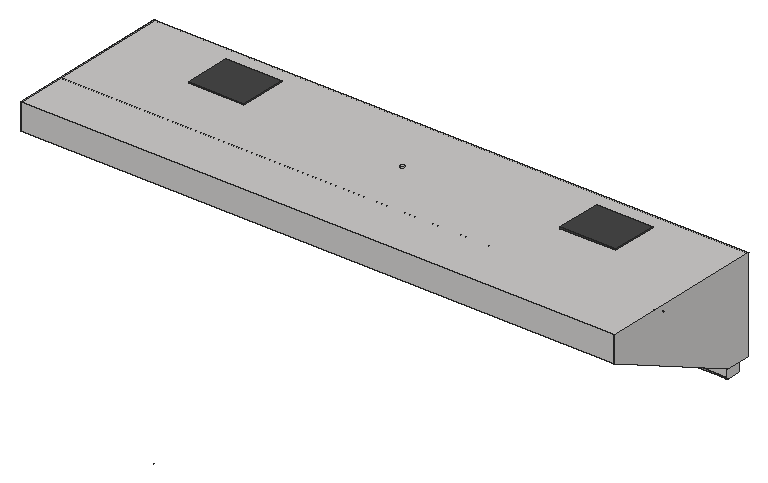
Revit family "QF_ELECTROLUXPROFESSIONAL_644188_AMPV932BT", category Specialty Equipment, Revit 2014
Reference planes
  plane 1: z = 0
  plane 2 "Center (Left/Right)": x = 150
  plane 3 "LEFT": x = -1450
  plane 4 "RIGHT": x = 1750
  plane 5 "BACK": y = 550
  plane 6 "Plane": z = 2000
  plane 7 "TOP": z = 2140
  plane 8 "Base": z = 1640
  plane 9: z = 1566
  plane 10 "DrainY": y = 485
  plane 11: x = -1447
  plane 12: through (0, 414.509, 1640.8) normal (0, 0.7314, 0.682)
  plane 13: y = 470
  plane 14: y = 220
  plane 15 "DrainX": x = 1630
  plane 16: x = -700
  plane 17: x = 1000
  plane 18: x = -1000
  plane 19: x = 1300
  plane 20: x = 1747
  plane 21: x = 1540
  plane 22: x = 1720
  plane 23: x = -1410
  plane 24: x = -1045
  plane 25: x = -650
  plane 26: x = 1710
  plane 27: x = 1345
  plane 28: x = 950
  plane 29: y = -350
  plane 30 "Center (Front/Back)": y = 100
Forms (mm)
  Extrusion 1, solid, material "QF_Finishes_Stainless Steel"
    sketch origin (-1450, 0, 0) x (0, 1, 0) y (0, 0, 1)
      loop
        line (550, 1640) -> (550, 2140) -> (-350, 2140) -> (-350, 2000) -> (415.255, 1640) -> (550, 1640)
    from 0 to 3
  Extrusion 2, solid, material "QF_Finishes_Stainless Steel"
    sketch origin (150, 0, 0) x (0, 1, 0) y (0, 0, 1)
      loop
        line (415.255, 1640) -> (550, 1640) -> (550, 2139.19) -> (549.2, 2139.19) -> (549.2, 1640.8) -> (415.876, 1640.8) -> (339.347, 1722.867) -> (349.609, 1732.436) -> (348.927, 1733.167) -> (337.934, 1722.917) -> (415.255, 1640)
      loop
        line (-82.203, 2139.19) -> (-82.203, 2118.6) -> (-31.047, 2118.6) -> (34.354, 2048.466) -> (46.028, 2059.352) -> (45.346, 2060.083) -> (34.403, 2049.879) -> (-30.612, 2119.6) -> (-81.203, 2119.6) -> (-81.203, 2139.19) -> (-82.203, 2139.19)
    from -1597 to 1597
  Extrusion 3, solid, material "QF_Finishes_Stainless Steel"
    sketch origin (1750, 0, 0) x (0, 1, 0) y (0, 0, 1)
      loop
        line (550, 1640) -> (550, 2140) -> (-350, 2140) -> (-350, 2000) -> (415.255, 1640) -> (550, 1640)
    from 0 to -3
  Extrusion 4, solid, material "QF_Finishes_Stainless Steel"
    sketch origin (150, 0, 0) x (0, 1, 0) y (0, 0, 1)
      loop
        line (-350, 2140) -> (-350, 2000) -> (-349.2, 2000) -> (-349.2, 2139.19) -> (550, 2139.19) -> (550, 2140) -> (-350, 2140)
    from -1600 to 1600
  Extrusion 5, solid, material "QF_Finishes_Stainless Steel"
    sketch origin (150, 0, 0) x (0, 1, 0) y (0, 0, 1)
      loop
        line (534, 1640) -> (436, 1640) -> (436, 1627) -> (443.5, 1627) -> (443.5, 1576)
        arc (443.5, 1576) -> (446.429, 1568.929) -> (453.5, 1566) r 10
        line (453.5, 1566) -> (516.5, 1566)
        arc (516.5, 1566) -> (523.571, 1568.929) -> (526.5, 1576) r 10
        line (526.5, 1576) -> (526.5, 1627) -> (534, 1627) -> (534, 1640)
    from 1390 to 1570
  Extrusion 6, solid, material "QF_Finishes_Stainless Steel"
    sketch origin (0, 0, 1640) x (0, 1, 0) y (-1, 0, 0)
      loop
        circle (485, -1630) r 20
    from -76 to -74
  Extrusion 7, solid, material "QF_Finished_Chrome"
    sketch origin (150, 0, 0) x (0, 1, 0) y (0, 0, 1)
      loop
        line (337.934, 1722.917) -> (341.591, 1726.327) -> (38.011, 2051.876) -> (34.354, 2048.466) -> (337.934, 1722.917)
    from -1195 to -1560
  Extrusion 8, solid, material "QF_Finished_Chrome"
    sketch origin (150, 0, 0) x (0, 1, 0) y (0, 0, 1)
      loop
        line (337.934, 1722.917) -> (341.591, 1726.327) -> (38.011, 2051.876) -> (34.354, 2048.466) -> (337.934, 1722.917)
    from 800 to -800
  Extrusion 9, solid, material "QF_Finishes_Stainless Steel"
    sketch origin (150, 0, 0) x (0, 1, 0) y (0, 0, 1)
      loop
        line (337.934, 1722.917) -> (341.591, 1726.327) -> (38.011, 2051.876) -> (34.354, 2048.466) -> (337.934, 1722.917)
    from 1597 to 1560
  Extrusion 10, solid, material "QF_Finishes_Stainless Steel"
    sketch origin (150, 0, 0) x (0, 1, 0) y (0, 0, 1)
      loop
        line (341.588, 1726.324) -> (38.009, 2051.874) -> (34.354, 2048.466) -> (337.934, 1722.917) -> (341.588, 1726.324)
    from -1195 to -800
  Extrusion 11, solid, material "QF_Finished_Chrome"
    sketch origin (150, 0, 0) x (0, 1, 0) y (0, 0, 1)
      loop
        line (341.588, 1726.324) -> (38.009, 2051.874) -> (34.354, 2048.466) -> (337.934, 1722.917) -> (341.588, 1726.324)
    from 1195 to 1560
  Extrusion 12, solid, material "QF_Finishes_Black"
    sketch origin (0, 0, 2140) x (0, 1, 0) y (-1, 0, 0)
      loop
        line (470, 1000) -> (220, 1000) -> (220, 700) -> (470, 700) -> (470, 1000)
    from 5 to 0
  Extrusion 13, solid, material "QF_Finishes_Black"
    sketch origin (940, 0, 2140) x (0, 1, 0) y (-1, 0, 0)
      loop
        line (470, -60) -> (220, -60) -> (220, -360) -> (470, -360) -> (470, -60)
    from 5 to 0
  Extrusion 14, solid, material "QF_Finishes_Stainless Steel"
    sketch origin (0, 0, 0) x (1, 0, 0) y (0, 1, 0)
      loop
        line (-1450, 550) -> (-1450, 549) -> (-1449, 549) -> (-1449, 550) -> (-1450, 550)
    from 0 to 1
  Extrusion 15, solid, material "QF_Finishes_Stainless Steel"
    sketch origin (150, 0, 0) x (0, 1, 0) y (0, 0, 1)
      loop
        line (337.934, 1722.917) -> (341.591, 1726.327) -> (38.011, 2051.876) -> (34.354, 2048.466) -> (337.934, 1722.917)
    from -1560 to -1597
  Extrusion 16, solid, material "QF_Finishes_Stainless Steel"
    sketch origin (150, 0, 0) x (0, 1, 0) y (0, 0, -1)
      loop
        line (341.588, -1726.324) -> (337.934, -1722.917) -> (34.354, -2048.466) -> (38.009, -2051.874) -> (341.588, -1726.324)
    from -1195 to -800
  Extrusion 17, solid, material "QF_Finishes_Stainless Steel"
    sketch origin (0, 0, 2140) x (0, 1, 0) y (-1, 0, 0)
      loop
        circle (220, -150) r 10
    from 0 to 1.6
Cuts and joins
  joined: Extrusion 2, Extrusion 4
Lines and regions (mm)
  reference lines
    curve 1: line (150, 34.354, 2048.466) -> (150, 34.354, 1888.466)
  symbolic lines, style "SpecialityEquipment", detail levels coarse
    curve 2: line (1750, 550, 2140) -> (-1450, 550, 2140)
    curve 3: line (-1450, 550, 2140) -> (-1450, -350, 2140)
    curve 4: line (1750, -350, 2140) -> (1750, 550, 2140)
    curve 5: line (-1450, -350, 2140) -> (1750, -350, 2140)
    curve 6: line (-1000, 220, 2140) -> (-700, 220, 2140)
    curve 7: line (-1000, 470, 2140) -> (-1000, 220, 2140)
    curve 8: line (-700, 470, 2140) -> (-1000, 470, 2140)
    curve 9: line (-700, 220, 2140) -> (-700, 470, 2140)
    curve 10: line (1000, 470, 2140) -> (1000, 220, 2140)
    curve 11: line (1000, 220, 2140) -> (1300, 220, 2140)
    curve 12: line (1300, 470, 2140) -> (1000, 470, 2140)
    curve 13: line (1300, 220, 2140) -> (1300, 470, 2140)
  symbolic lines, detail levels coarse
    curve 14: line (-1450, -350, 0) -> (1750, 550, 0)
    curve 15: line (1750, -350, 0) -> (-1450, 550, 0)
Dimensions and locks
  plane 3 "LEFT" to plane 4 "RIGHT" = 3200 mm
  equal spacing: plane 3 "LEFT", plane 2 "Center (Left/Right)", plane 4 "RIGHT"
  locked: plane 6 "Plane" to level at 2000
  plane 7 "TOP" to plane 6 "Plane" = 140 mm
  locked: plane 7 "TOP" to plane 8 "Base" at 500
  plane 8 "Base" to plane 9 = 74 mm
  plane 5 "BACK" to plane 10 "DrainY" = 65 mm  (x2)
  plane 3 "LEFT" to plane 11 = 3 mm
  plane 5 "BACK" to plane 13 = 80 mm
  plane 13 to plane 14 = 250 mm  (x2)
  plane 15 "DrainX" to plane 4 "RIGHT" = 120 mm
  locked: plane 16 to plane 17 at 1700
  equal spacing: plane 16, plane 2 "Center (Left/Right)", plane 17
  plane 18 to plane 16 = 300 mm
  plane 17 to plane 19 = 300 mm
  plane 20 to plane 4 "RIGHT" = 3 mm
  locked: plane 21 to plane 15 "DrainX" at 90
  locked: plane 15 "DrainX" to plane 22 at 90
  plane 13 to plane 5 "BACK" = 80 mm
  locked: plane 3 "LEFT" to plane 23 at 40
  locked: plane 23 to plane 24 at 365
  locked: plane 24 to plane 25 at 395
  locked: plane 26 to plane 27 at 365
  locked: plane 27 to plane 28 at 395
  locked: plane 26 to plane 4 "RIGHT" at 40
  plane 25 to plane 28 = 1600 mm
  plane 5 "BACK" to plane 29 = 900 mm  (x2)
  equal spacing: plane 5 "BACK", plane 30 "Center (Front/Back)", plane 29
  plane 14 to plane 29 = 570 mm
  aligned and locked: level to plane 1
  aligned and locked: Extrusion 2 to Extrusion 1
  aligned and locked: Extrusion 2 to Extrusion 3
  aligned and locked: plane 4 "RIGHT" to Extrusion 4
  aligned and locked: Extrusion 4 to plane 3 "LEFT"
  aligned and locked: plane 20 to Extrusion 9
  aligned and locked: plane 18 to Extrusion 12
  aligned and locked: Extrusion 12 to plane 16
  aligned and locked: Extrusion 12 to plane 14
  aligned and locked: Extrusion 12 to plane 13
  aligned and locked: Extrusion 13 to plane 19
  aligned and locked: plane 17 to Extrusion 13
  aligned and locked: Extrusion 2 to Extrusion 4
  aligned and locked: plane 22 to Extrusion 5
  aligned and locked: Extrusion 5 to plane 21
  aligned and locked: Extrusion 9 to plane 26
  aligned and locked: Extrusion 11 to plane 26
  aligned and locked: Extrusion 11 to plane 27
  aligned and locked: Extrusion 8 to plane 28
  aligned and locked: Extrusion 8 to plane 25
  aligned and locked: plane 25 to Extrusion 10
  aligned and locked: Extrusion 10 to plane 24
  aligned and locked: plane 24 to Extrusion 7
  aligned and locked: Extrusion 7 to plane 23
  aligned and locked: Extrusion 15 to plane 11
  aligned and locked: plane 23 to Extrusion 15
  aligned and locked: Extrusion 16 to plane 28
  aligned and locked: Extrusion 16 to plane 27
  aligned and locked: Extrusion 3 to plane 20
Automatic sketch dimensions
  curve 5 to plane 3 "LEFT" = 0 mm
  curve 9 to plane 14 = 0 mm
  curve 10 to plane 14 = 0 mm
  plane 13 to curve 8 = 0 mm
  plane 13 to curve 12 = 0 mm
  curve 3 to plane 5 "BACK" = 0 mm
  curve 5 to plane 4 "RIGHT" = 0 mm
  curve 11 to plane 19 = 0 mm
  curve 10 to plane 17 = 0 mm
  curve 6 to plane 16 = 0 mm
  curve 6 to plane 18 = 0 mm
  Extrusion 2 sketch curve to plane 12 = 0 mm  (x3)
  Extrusion 2 sketch curve to plane 8 "Base" = 0 mm
  plane 12 to Extrusion 2 sketch curve = 0 mm
  Extrusion 2 sketch curve to plane 5 "BACK" = 0 mm
  Extrusion 2 sketch curve to Extrusion 2 sketch curve = 65.646 mm
  Extrusion 2 sketch curve to Extrusion 2 sketch curve = 0.682 mm  (x2)
  Extrusion 2 sketch curve to Extrusion 2 sketch curve = 10.261 mm
  plane 8 "Base" to Extrusion 2 sketch curve = 82.917 mm
  Extrusion 2 sketch curve to Extrusion 2 sketch curve = 10.942 mm
  Extrusion 2 sketch curve to Extrusion 2 sketch curve = 0.049 mm
  Extrusion 2 sketch curve to plane 7 "TOP" = 20.4 mm
  Extrusion 2 sketch curve to plane 7 "TOP" = 21.4 mm
  Extrusion 2 sketch curve to plane 7 "TOP" = 0.81 mm  (x2)
  Extrusion 2 sketch curve to Extrusion 2 sketch curve = 50.156 mm
  Extrusion 2 sketch curve to Extrusion 2 sketch curve = 1 mm
  plane 8 "Base" to Extrusion 2 sketch curve = 0.8 mm
  Extrusion 2 sketch curve to plane 5 "BACK" = 0.8 mm
  Extrusion 4 sketch curve to plane 6 "Plane" = 0 mm
  Extrusion 4 sketch curve to plane 5 "BACK" = 0 mm
  Extrusion 4 sketch curve to plane 7 "TOP" = 0 mm
  Extrusion 4 sketch curve to plane 7 "TOP" = 0.81 mm
  curve 1 to plane 12 = 0 mm
  curve 1 to plane 6 "Plane" = 111.534 mm
  Extrusion 5 sketch curve to plane 8 "Base" = 0 mm
  Extrusion 5 sketch curve to plane 9 = 0 mm
  Extrusion 5 sketch curve to plane 8 "Base" = 13 mm  (x2)
  plane 13 to Extrusion 5 sketch curve = 34 mm
  Extrusion 5 sketch curve to Extrusion 5 sketch curve = 7.5 mm  (x2)
  Extrusion 5 sketch curve to Extrusion 5 sketch curve = 10 mm
  plane 10 "DrainY" to Extrusion 5 sketch curve = 31.5 mm
  Extrusion 5 sketch curve to plane 5 "BACK" = 23.5 mm
  Extrusion 6 sketch curve to plane 10 "DrainY" = 0 mm
  Extrusion 6 sketch curve to plane 15 "DrainX" = 0 mm
  Extrusion 7 sketch curve to plane 12 = 0 mm  (x2)
  Extrusion 7 sketch curve to Extrusion 7 sketch curve = 3.657 mm
  plane 8 "Base" to Extrusion 7 sketch curve = 82.917 mm
  Extrusion 8 sketch curve to plane 12 = 0 mm  (x2)
  Extrusion 8 sketch curve to Extrusion 8 sketch curve = 3.657 mm
  plane 8 "Base" to Extrusion 8 sketch curve = 82.917 mm
  Extrusion 9 sketch curve to plane 12 = 0 mm  (x2)
  Extrusion 9 sketch curve to Extrusion 9 sketch curve = 3.657 mm
  plane 8 "Base" to Extrusion 9 sketch curve = 82.917 mm
  Extrusion 10 sketch curve to plane 12 = 0 mm  (x2)
  Extrusion 10 sketch curve to Extrusion 10 sketch curve = 3.655 mm
  plane 8 "Base" to Extrusion 10 sketch curve = 82.917 mm
  Extrusion 11 sketch curve to plane 12 = 0 mm  (x2)
  Extrusion 11 sketch curve to Extrusion 11 sketch curve = 3.655 mm
  plane 8 "Base" to Extrusion 11 sketch curve = 82.917 mm
  Extrusion 12 sketch curve to plane 14 = 0 mm
  plane 13 to Extrusion 12 sketch curve = 0 mm
  Extrusion 12 sketch curve to plane 16 = 0 mm
  Extrusion 12 sketch curve to plane 18 = 0 mm
  Extrusion 13 sketch curve to plane 14 = 0 mm
  plane 13 to Extrusion 13 sketch curve = 0 mm
  Extrusion 13 sketch curve to plane 19 = 0 mm
  Extrusion 13 sketch curve to plane 17 = 0 mm
  Extrusion 14 sketch curve to plane 3 "LEFT" = 0 mm
  Extrusion 14 sketch curve to plane 5 "BACK" = 0 mm
  plane 3 "LEFT" to Extrusion 14 sketch curve = 1 mm
  Extrusion 14 sketch curve to plane 5 "BACK" = 1 mm
  Extrusion 15 sketch curve to plane 12 = 0 mm  (x2)
  Extrusion 15 sketch curve to Extrusion 15 sketch curve = 3.657 mm
  plane 8 "Base" to Extrusion 15 sketch curve = 82.917 mm
  Extrusion 16 sketch curve to plane 12 = 0 mm  (x2)
  Extrusion 16 sketch curve to Extrusion 16 sketch curve = 3.655 mm
  plane 8 "Base" to Extrusion 16 sketch curve = 82.917 mm
  Extrusion 4 sketch curve to Extrusion 4 sketch curve = 0.8 mm
  curve 5 to plane 29 = 0 mm
  plane 6 "Plane" to Extrusion 2 sketch curve = 48.466 mm
  plane 29 to Extrusion 4 sketch curve = 0.8 mm
  curve 1 to plane 14 = 185.646 mm
  plane 6 "Plane" to Extrusion 7 sketch curve = 51.876 mm
  plane 6 "Plane" to Extrusion 8 sketch curve = 51.876 mm
  plane 6 "Plane" to Extrusion 9 sketch curve = 51.876 mm
  plane 6 "Plane" to Extrusion 10 sketch curve = 51.874 mm
  plane 6 "Plane" to Extrusion 11 sketch curve = 51.874 mm
  plane 6 "Plane" to Extrusion 15 sketch curve = 51.876 mm
  plane 6 "Plane" to Extrusion 16 sketch curve = 51.874 mm
  Extrusion 3 sketch curve to plane 5 "BACK" = 0 mm
  Extrusion 3 sketch curve to plane 7 "TOP" = 0 mm
  Extrusion 3 sketch curve to plane 6 "Plane" = 0 mm
  Extrusion 1 sketch curve to plane 8 "Base" = 0 mm
  plane 12 to Extrusion 1 sketch curve = 0 mm
  Extrusion 1 sketch curve to plane 5 "BACK" = 0 mm
  Extrusion 1 sketch curve to plane 7 "TOP" = 0 mm
  Extrusion 1 sketch curve to plane 29 = 0 mm
  Extrusion 1 sketch curve to plane 6 "Plane" = 0 mm
  Extrusion 3 sketch curve to plane 29 = 0 mm
  Extrusion 3 sketch curve to plane 8 "Base" = 0 mm
  plane 12 to Extrusion 3 sketch curve = 0 mm
  curve 15 to plane 3 "LEFT" = 0 mm
  curve 14 to plane 3 "LEFT" = 0 mm
  curve 15 to plane 4 "RIGHT" = 0 mm
  curve 14 to plane 4 "RIGHT" = 0 mm
  curve 15 to plane 29 = 0 mm
  curve 14 to plane 29 = 0 mm
  curve 15 to plane 5 "BACK" = 0 mm
  curve 14 to plane 5 "BACK" = 0 mm
  Extrusion 17 sketch curve to plane 2 "Center (Left/Right)" = 0 mm
  Extrusion 17 sketch curve to plane 14 = 0 mm
  radius of Extrusion 6 sketch curve = 20 mm
  radius of Extrusion 17 sketch curve = 10 mm
Connectors
  piping at (1630, 485, 1564), diameter 20
    settings: on Extrusion 6, index 1, connector inside diameter 609.6 mm, connector length 0 mm, flow factor 0, pipe flow 0.0 L/s, pressure drop 0.0 Pa, fitting loss kfactor 0, connector angle 0.00°, fixture units 0, engagement length 0 mm, angle of deflection 0.00°, flow configuration 1, flow direction 2, fitting loss method 0, system type 16, joint type 0, gender type 0, connector reference index -1, connector utility 0, adjustable connector no, is connector primary yes, connector description "Drain"
  hvac at (-850, 345, 2145)
    settings: on Extrusion 12, index 2, duct flow 0.0 L/s, flow factor 0, pres drop 0.0 Pa, loss coef 0, conn angle 0.00°, conn width 250 mm, conn height 300 mm, conn diameter 609.6 mm, duct sys type 3, conn prof type 1, flow config 1, flow direction 0, loss method 0, conn ref index -1, conn util no, is conn primary yes, conn desc "EXHAUST OUTLET"
  hvac at (1150, 345, 2145)
    settings: on Extrusion 13, index 3, duct flow 0.0 L/s, flow factor 0, pres drop 0.0 Pa, loss coef 0, conn angle 0.00°, conn width 250 mm, conn height 300 mm, conn diameter 609.6 mm, duct sys type 3, conn prof type 1, flow config 1, flow direction 0, loss method 0, conn ref index -1, conn util no, is conn primary no, conn desc "EXHAUST OUTLET"
  electrical at (150, 220, 2140)
    settings: on Extrusion 17, index 4, voltage 0 V, apparent load 0 VA, apparent load phase1 0 VA, apparent load phase2 0 VA, apparent load phase3 0 VA, power factor 1, load classification "Other", number of poles 1, system type 30, power factor state 1, is connector primary yes, connector utility no, sub classification motor no, connector description "Electrical Connection"
